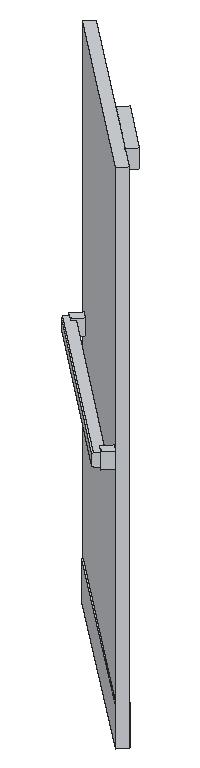
Revit family "BG_DORc_Leaf-Type1", category Doors, Revit 2020
Family settings
  Work Plane-Based = Yes
  Always vertical = Yes
  Cut with Voids When Loaded = No
  Shared = No
  Room Calculation Point = No
Parameters
  Width [instance] = 920 mm
  Undercut [instance] = 0 mm
  Rough Width = 0 mm  # constant formula
  Rough Height = 0 mm  # constant formula
  Protection height int [instance] = 150 mm
  Protection height ext [instance] = 150 mm
  Protection finish int [instance] = none
  Protection finish ext [instance] = none
  Panic bar [instance] = yes
  Open angle [instance] = 45.00°
  Not panic bar [instance] = not(Panic bar)  # no
  Internal finish [instance] = none
  Hinge thickness = Hinge gap / 2  # 1.5 mm
  Leaf thickness = 40 mm
  Hinge gap = 3 mm
  Height [instance] = 2040 mm
  Hardware finish [instance] = none
  Handle inset [instance] = 50 mm
  Handle height [instance] = 1000 mm
  Core finish = none
  External finish [instance] = none
  Default Elevation = 1219.2 mm
  Closer [instance] = yes
Reference planes
  plane 1 "Front": y = 0
  plane 2 "Center (Elevation)": z = 0
  plane 3 "Center (Left/Right)": x = 0
  plane 4 "Right": x = 1.5
  plane 5: y = -40
  plane 6: z = 2040
Forms (mm)
  Extrusion 1, solid, material <- "Core finish"
    sketch origin (0, 0, 0) x (0, 1, 0) y (-1, 0, 0)
      loop
        line (-27.224, 29.345) -> (1.061, 1.061) -> (651.599, 651.599) -> (623.315, 679.883) -> (-27.224, 29.345)
    from 0 <- "Undercut" to 2040 <- "Height"
Lines and regions (mm)
  reference lines
    curve 1: line (0, 0, 0) -> (1.5, 0, 0)
    curve 2: line (0, 0, 0) -> (-28.284, -28.284, 0)
    curve 3: line (0, 0, 0) -> (-651.599, 651.599, 0)
    curve 4: line (-1.061, 1.061, 0) -> (-29.345, -27.224, 0)
    curve 5: line (-28.284, -28.284, 0) -> (-679.883, 623.315, 0)
    curve 7: line (-651.599, 651.599, 0) -> (-679.883, 623.315, 0)
    curve 8: line (-644.528, 587.959, 0) -> (-616.244, 616.244, 0)
  model lines, style "InvisibleLines"
    curve 6: line (1.5, -40, 0) -> (1.5, 0, 0)
Dimensions and locks
  "Leaf thickness": plane 1 "Front" to plane 5
  "Height": plane 6 to level
  "Hinge thickness": curve 4 to curve 2
  "Hinge thickness": plane 3 "Center (Left/Right)" to plane 4 "Right"
  "Leaf thickness": curve 3 to curve 5
  "Width": curve 7 to curve 4
  "Handle inset": curve 8 to curve 7
  "Open angle": angle curve 2 to plane 3 "Center (Left/Right)"
  locked: curve 2 to curve 5 (angle 90.00°)
  locked: curve 3 to curve 2 (angle 90.00°)
  locked: curve 4 to curve 5 (angle 90.00°)
  locked: curve 5 to curve 7 (angle 90.00°)
  locked: curve 5 to curve 8 (angle 90.00°)
  aligned and locked: level to plane 2 "Center (Elevation)"
  aligned and locked: plane 3 "Center (Left/Right)" to curve 1
  aligned and locked: plane 1 "Front" to curve 1
  aligned and locked: plane 4 "Right" to curve 1
  aligned and locked: plane 1 "Front" to curve 6
  aligned and locked: plane 5 to curve 6
  aligned and locked: curve 6 to plane 4 "Right"
  aligned and locked: Extrusion 1 sketch curve to curve 5
  aligned and locked: Extrusion 1 sketch curve to curve 3
  aligned and locked: curve 7 to Extrusion 1 sketch curve
  aligned and locked: curve 4 to Extrusion 1 sketch curve
  aligned and locked: nested 2 to curve 7
  aligned and locked: nested 1 to curve 4
  aligned and locked: nested 4 to curve 8
  aligned and locked: nested 3 to curve 8
  aligned and locked: curve 4 to nested 5
  aligned and locked: nested 6 to curve 4
Nested families
  nested 1: "BG_DORc_Protection-Type1" at (-1.061, 1.061, 0) x (-0.7071, 0.7071, 0) z (0.7071, 0.7071, 0), Undercut <- "Undercut", Width <- "Width", Height <- "Protection height ext", Protection finish <- "Protection finish ext", type "Typical", detail levels fine
    with Width 920 mm, Undercut 0 mm, Protection on yes, Protection finish none, Height override 150 mm, Height 150 mm
  nested 2: "BG_DORc_Protection-Type1" at (-679.883, 623.315, 0) x (0.7071, -0.7071, 0) z (-0.7071, -0.7071, 0), Undercut <- "Undercut", Width <- "Width", Height <- "Protection height int", Protection finish <- "Protection finish int", type "Typical", detail levels fine
    with Width 920 mm, Undercut 0 mm, Protection on yes, Protection finish none, Height override 150 mm, Height 150 mm
  nested 3: "BG_DORc_Handle-Type1" at (-616.244, 616.244, 1000) x (0.7071, -0.7071, 0) z (0.7071, 0.7071, 0), built-in parameter 1001360 <- "Handle height", Hardware finish <- "Hardware finish", type "Typical", detail levels fine
    with Width 0 mm, Height 0 mm, Hardware finish none
  nested 4: "BG_DORc_Handle-Type1" at (-644.528, 587.959, 1000) x (0.7071, -0.7071, 0) z (-0.7071, -0.7071, 0), built-in parameter 1001360 <- "Handle height", Hardware finish <- "Hardware finish", visible <- "Not panic bar", type "Typical", detail levels fine
    with Width 0 mm, Height 0 mm, Hardware finish none
  nested 5: "BG_DORc_Panicbar-Type1" at (-29.345, -27.224, 1000) x (0.7071, -0.7071, 0) z (-0.7071, -0.7071, 0), Width <- "Width", Hardware finish <- "Hardware finish", built-in parameter 1001360 <- "Handle height", visible <- "Panic bar", type "Typical", detail levels fine
    with Width 920 mm, Height 0 mm, Hardware finish none
  nested 6: "BG_DORc_Closer-Type1" at (-1.061, 1.061, 2040) x (-0.7071, 0.7071, 0) z (0.7071, 0.7071, 0), Hardware finish <- "Hardware finish", built-in parameter 1001360 <- "Height", visible <- "Closer", type "Typical", detail levels fine
    with Width 0 mm, Height 0 mm, Hardware finish none
Definition of nested family "BG_DORc_Protection-Type1"
  Parameters (values of type "Typical")
    Width [instance] = 920 mm
    Undercut [instance] = 25 mm
    Thickness = 2 mm
    Protection on [instance] = Height - Undercut > 2 mm  # yes
    Protection finish [instance] = none
    Height override [instance] = if(Height - Undercut > 2 mm, Height, 2 mm)  # 150 mm
    Height [instance] = 150 mm
    Default Elevation = 1219.2 mm
  Reference planes
    plane 1 "Center (Front/Back)": y = 0
    plane 2: z = 0
    plane 3 "Center (Left/Right)": x = 0
    plane 4: x = 920
    plane 5: y = 150
    plane 6: y = 25
  Forms (mm)
    Extrusion 1, solid
      sketch origin (0, 0, 0) x (1, 0, 0) y (0, 1, 0)
        loop
          line (-1219.2, 1219.2) -> (-1219.2, -1219.2) -> (1219.2, -1219.2) -> (1219.2, 1219.2) -> (-1219.2, 1219.2)
      from 0 to -304.8
    Extrusion 2, solid, material <- "Protection finish", visible <- "Protection on"
      sketch origin (0, 0, 0) x (1, 0, 0) y (0, 1, 0)
        loop
          line (0, 150) -> (0, 25) -> (920, 25) -> (920, 150) -> (0, 150)
      from 0 to 2 <- "Thickness"
  Dimensions and locks
    "Height override": plane 1 "Center (Front/Back)" to plane 5
    "Width": plane 3 "Center (Left/Right)" to plane 4
    "Undercut": plane 1 "Center (Front/Back)" to plane 6
    aligned and locked: plane 2 to Extrusion 1
    aligned and locked: level to Extrusion 1
    aligned and locked: Extrusion 2 sketch curve to plane 3 "Center (Left/Right)"
    aligned and locked: Extrusion 2 sketch curve to plane 5
    aligned and locked: Extrusion 2 sketch curve to plane 4
    aligned and locked: Extrusion 2 sketch curve to plane 6
  Automatic sketch dimensions
    Extrusion 1 sketch curve to Extrusion 1 sketch curve = 2438.4 mm  (x2)
Definition of nested family "BG_DORc_Handle-Type1"
  Parameters (values of type "Typical")
    Width [instance] = 0 mm
    Thickness = 0 mm
    Hardware finish [instance] = none
    Height [instance] = 0 mm
    Default Elevation = 1219.2 mm
  Reference planes
    plane 1 "Center (Front/Back)": y = 0
    plane 2: z = 0
    plane 3 "Center (Left/Right)": x = 0
  Forms (mm)
    Extrusion 1, solid
      sketch origin (0, 0, 0) x (1, 0, 0) y (0, 1, 0)
        loop
          line (-1219.2, 1219.2) -> (-1219.2, -1219.2) -> (1219.2, -1219.2) -> (1219.2, 1219.2) -> (-1219.2, 1219.2)
      from 0 to -304.8
    Extrusion 2, solid, material <- "Hardware finish"
      sketch origin (0, 0, 0) x (1, 0, 0) y (0, 1, 0)
        loop
          line (-22, 55) -> (-22, -117) -> (22, -117) -> (22, 55) -> (-22, 55)
        loop
          line (-4, -77) -> (4, -77) -> (4, -62)
          arc (4, -62) -> (0, -52.496) -> (-4, -62) r 5.594
          line (-4, -62) -> (-4, -77)
      from 0 to 6.964
    Extrusion 3, solid, material <- "Hardware finish"
      sketch origin (0, 0, 0) x (1, 0, 0) y (0, 0, 1)
        loop
          line (-10, 55.503) -> (-10, 6.964) -> (10, 6.964) -> (10, 48.152)
          arc (10, 48.152) -> (66.218, 49.291) -> (121.781, 40.663) r 323.022
          line (121.781, 40.663) -> (124.17, 50.374)
          arc (124.17, 50.374) -> (57.346, 59.77) -> (-10, 55.503) r 333.022
      from -10.044 to 10
    Extrusion 4, solid, material <- "Hardware finish"
      sketch origin (0, 0, 0) x (1, 0, 0) y (0, 1, 0)
        loop
          line (-4, -77) -> (4, -77) -> (4, -62)
          arc (4, -62) -> (0, -52.496) -> (-4, -62) r 5.594
          line (-4, -62) -> (-4, -77)
      from 0 to 4
  Dimensions and locks
    aligned and locked: plane 2 to Extrusion 1
    aligned and locked: level to Extrusion 1
Definition of nested family "BG_DORc_Panicbar-Type1"
  Parameters (values of type "Typical")
    Width [instance] = 1008.451 mm
    Thickness = 0 mm
    Hardware finish [instance] = none
    Height [instance] = 0 mm
    Default Elevation = 1219.2 mm
  Reference planes
    plane 1 "Center (Front/Back)": y = 0
    plane 2: z = 0
    plane 3 "Right": x = 0
    plane 4 "Panic bar centre": x = -504.225
    plane 5: x = -1008.451
  Forms (mm)
    Extrusion 1, solid
      sketch origin (0, 0, 0) x (1, 0, 0) y (0, 1, 0)
        loop
          line (-1219.2, 1219.2) -> (-1219.2, -1219.2) -> (1219.2, -1219.2) -> (1219.2, 1219.2) -> (-1219.2, 1219.2)
      from 0 to -304.8
    Extrusion 2, solid, material <- "Hardware finish"
      sketch origin (-504.225, 505.426, 1219.2) x (0, 1, 0) y (0, 0, 1)
        loop
          line (-474.926, -1219.2) -> (-474.926, -1174.2) -> (-535.926, -1174.2) -> (-535.926, -1219.2) -> (-474.926, -1219.2)
      from 400 to 438
    Extrusion 3, solid, material <- "Hardware finish"
      sketch origin (-504.225, 505.426, 1219.2) x (0, 1, 0) y (0, 0, 1)
        loop
          line (-474.926, -1219.2) -> (-474.926, -1174.2) -> (-535.926, -1174.2) -> (-535.926, -1219.2) -> (-474.926, -1219.2)
      from -400 to -438
    Extrusion 4, solid, material <- "Hardware finish"
      sketch origin (-504.225, 505.426, 1219.2) x (0, 1, 0) y (0, 0, 1)
        loop
          line (-479.926, -1189.2) -> (-479.926, -1154.2) -> (-484.926, -1154.2) -> (-484.926, -1149.2) -> (-525.926, -1149.2) -> (-525.926, -1154.2) -> (-530.926, -1154.2) -> (-530.926, -1189.2) -> (-479.926, -1189.2)
      from 428 to -428
  Cuts and joins
    joined: Extrusion 2, Extrusion 3, Extrusion 4
  Dimensions and locks
    equal spacing: plane 5, plane 4 "Panic bar centre", plane 3 "Right"
    "Width": plane 5 to plane 3 "Right"
    aligned and locked: plane 2 to Extrusion 1
    aligned and locked: level to Extrusion 1
  Automatic sketch dimensions
    Extrusion 1 sketch curve to Extrusion 1 sketch curve = 2438.4 mm  (x2)
    Extrusion 2 sketch curve to level = 0 mm
    plane 1 "Center (Front/Back)" to Extrusion 2 sketch curve = 30.5 mm
    Extrusion 2 sketch curve to plane 1 "Center (Front/Back)" = 30.5 mm
    Extrusion 2 sketch curve to Extrusion 2 sketch curve = 45 mm
    Extrusion 3 sketch curve to level = 0 mm
    plane 1 "Center (Front/Back)" to Extrusion 3 sketch curve = 30.5 mm
    Extrusion 3 sketch curve to plane 1 "Center (Front/Back)" = 30.5 mm
    Extrusion 3 sketch curve to Extrusion 3 sketch curve = 45 mm
    plane 1 "Center (Front/Back)" to Extrusion 4 sketch curve = 25.5 mm
    Extrusion 4 sketch curve to plane 1 "Center (Front/Back)" = 20.5 mm
    Extrusion 4 sketch curve to plane 1 "Center (Front/Back)" = 25.5 mm
    level to Extrusion 4 sketch curve = 30 mm
    Extrusion 4 sketch curve to Extrusion 4 sketch curve = 35 mm  (x2)
    Extrusion 4 sketch curve to Extrusion 4 sketch curve = 5 mm  (x2)
Definition of nested family "BG_DORc_Closer-Type1"
  Parameters (values of type "Typical")
    Width [instance] = 1008.451 mm
    Thickness = 0 mm
    Hardware finish [instance] = none
    Height [instance] = 0 mm
    Default Elevation = 1219.2 mm
  Reference planes
    plane 1 "Center (Front/Back)": y = 0
    plane 2: z = 0
    plane 3 "Right": x = 0
    plane 4: x = 114
    plane 5: x = 378
    plane 6: y = -73
  Forms (mm)
    Extrusion 1, solid
      sketch origin (0, 0, 0) x (1, 0, 0) y (0, 1, 0)
        loop
          line (-1219.2, 1219.2) -> (-1219.2, -1219.2) -> (1219.2, -1219.2) -> (1219.2, 1219.2) -> (-1219.2, 1219.2)
      from 0 to -304.8
    Extrusion 2, solid, material <- "Hardware finish"
      sketch origin (0, 0, 0) x (1, 0, 0) y (0, 1, 0)
        loop
          line (114, 0) -> (114, -73) -> (378, -73) -> (378, 0) -> (114, 0)
      from 0 to 44
  Dimensions and locks
    aligned and locked: plane 2 to Extrusion 1
    aligned and locked: level to Extrusion 1
    aligned and locked: plane 1 "Center (Front/Back)" to Extrusion 2 sketch curve
    aligned and locked: Extrusion 2 sketch curve to plane 4
    aligned and locked: plane 6 to Extrusion 2 sketch curve
    aligned and locked: plane 5 to Extrusion 2 sketch curve
